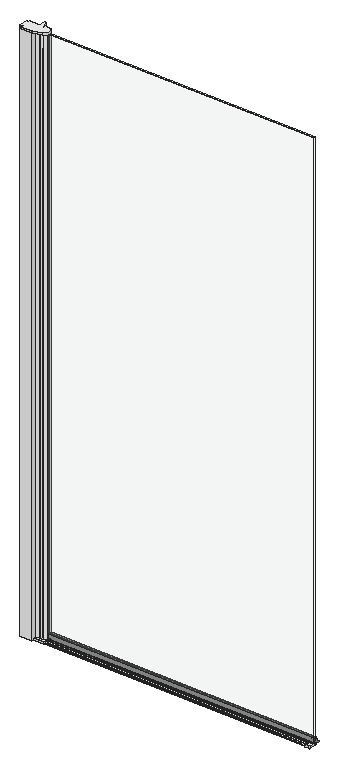
Revit family "Sanitary_Shower-screens_Duscholux_Giro_Separator-Pivot-door-bath", category Plumbing Fixtures, Revit 2016
Family settings
  Part Type = Normal
  Round Connector Dimension = Use Diameter
  OmniClass Number = 23.45.00.00
  OmniClass Title = Sanitary, Laundry, and Cleaning Equipment
  Work Plane-Based = No
  Always vertical = Yes
  Cut with Voids When Loaded = No
  Shared = No
  Room Calculation Point = No
Parameters (values of type "White Aluminium Finish")
  Width = 800 mm
  Uniclass 2015 Description = "Shower Enclosures"
  Uniclass 2015 Code = "PR-40-20-06-79"
  URL = "http://www.duscholux.es/"
  UNSPSC Code = "30181507"
  Thickness Glass = 5 mm  # constant formula
  Technical Inspection Certificate (Applus) = "http://www.duscholux.es/resources/custom/var/APPLUS_en.pdf"
  Series = "Plus Evolution Giro"
  Region South America = "Consult"
  Region Oceania = "Consult"
  Region North America = "Consult"
  Region Middle East = "Consult"
  Region Europe = "AD, ES, FR, PT"
  Region Asia = "Consult"
  Region Antartica = "Consult"
  Region Africa = "Consult"
  Ref. = "7GJ / 7GK"
  Products = "http://www.duscholux.es/mamparas_filtro.aspx?es"
  Product group = "Separator for bath"
  Product family = "Plus Evolution Giro"
  Opening System Image = "http://blob.duscholux.es/pluma512/SBIzq1pabatible180.gif"
  Opening System = "Pivot Door"
  Opening angle = 0.00°
  Net Weight (Kg) = 13.5
  NBS Reference Description = "Shower Enclosures"
  NBS Reference Code = "45-35-70"
  Model = ""
  Min Max Width = if(Width < 400 mm, 400 mm, if(Width > 1000 mm, 1000 mm, Width))  # 800 mm
  Max Height = if(Height > 1600 mm, 1600 mm, Height)  # 1500 mm
  Manufacturer name = "Duscholux Ibérica, S.A."
  Manufacturer country = "Spain"
  Maintenance and Cleaning = "http://www.duscholux.es/mamparas_limpieza.aspx?en"
  Image = "http://www.duscholux.es/resources/custom/img/mamparas/PLUS%20EVOLUTION%20GIRO/modelos/0F1PSBA/mampara_h.jpg"
  IFC Classification = "Furnishing Element"
  Height = 1500 mm
  Handle Material = White Finish
  Handle Height = Max Height / 2  # 750 mm
  Glass in Building UNE EN 12150 = "CE Conformity marking"
  Glass Material = Glass_Material-Duscholux
  Frame Material = White Aluminium Finish
  Fact Sheet = "http://blob.duscholux.es/enpdf2018/Giro1PSB.pdf"
  Manufacturer = "Duscholux Ibérica, S.A."
  Environmental Management ISO 14001 = "ECOEMBES Certificate"
  Edition number = "1"
  Door aperture = Min Max Width - 56.6 mm  # 743.4 mm
  Design country = "Spain / Germany"
  Description = "Front 1 pivot door at 180° for bath"
  Date of publishing = ""
  Bath Height = 450 mm
  Assembly Code = "C1030200"
  Configuration enclosure = "http://configuratumampara.duscholux.es/eCatalogo.aspx"
  Components = "Eropean components"
  Type Comments = ""
  Combinations = "Lateral 90° / Lateral180°"
  Certified Quality UNE EN 14428 = "http://www.duscholux.es/duscholux_downloads.aspx?es"
  COBIe Type Category = ""
  Brand = "Duscholux"
  Accesories Material = White Finish
Types (4, lengths in mm): name | Handle Material | Frame Material | Accesories Material
  (no name) | White Finish | White Aluminium Finish | White Finish
  Shiny silver Finish | Matt Silver Aluminium Finish | Shiny Silver  Aluminium Finish | Plastic, Gray
  Silver Matt Aluminium Finish | Matt Silver Aluminium Finish | Matt Silver Aluminium Finish | Plastic, Gray
  White Aluminium Finish | White Finish | White Aluminium Finish | White Finish
Reference planes
  plane 1 "Centro (Frontal/Posterior)": y = 0
  plane 2: z = 0
  plane 3 "Centro (Izquierda/Derecha)": x = 0
  plane 4: x = 56.584
  plane 5: z = 1954
  plane 6: x = 800
  plane 7: z = 450
  plane 8: z = 0
  plane 9: z = 8
  plane 10: y = -15.3
  plane 11: z = 1950
  plane 12: z = 458
  plane 13: z = 450
  plane 14: z = 456
Forms (mm)
  Extrusion 1, solid, material "Glass_Material-Duscholux" <- "Glass Material"
    sketch origin (59.749, 15.3, 0) x (1, 0, 0) y (0, 1, 0)
      loop
        line (-0.257, -12.8) -> (-0.257, -17.8) -> (740.236, -17.8) -> (740.236, -12.8) -> (-0.257, -12.8)
    from 458 to 1946
  Extrusion 2, solid, material "White Aluminium Finish" <- "Frame Material"
    sketch origin (-940.158, -579.127, 0) x (1, 0, 0) y (0, 1, 0)
      loop
        line (942.91, 587.017) -> (971.16, 587.017) -> (971.16, 588.517) -> (940.158, 588.517) -> (940.158, 587.017) -> (941.408, 587.017) -> (941.408, 566.817) -> (940.158, 566.817) -> (940.158, 565.317) -> (971.16, 565.317) -> (971.16, 566.817) -> (942.91, 566.817) -> (942.91, 587.017)
    from 450 to 1946
  Extrusion 3, solid, material "White Aluminium Finish" <- "Frame Material"
    sketch origin (36.988, 0, 0) x (1, 0, 0) y (0, 1, 0)
      loop
        line (32.341, 4.857) -> (24.744, 8.929)
        arc (24.744, 8.929) -> (9.363, 0.084) -> (24.744, -8.76) r 10.234
        line (24.744, -8.76) -> (32.341, -4.689) -> (32.341, -3.689) -> (22.503, -3.689) -> (22.503, 3.857) -> (32.341, 3.857) -> (32.341, 4.857)
      loop
        circle (19.596, 0.084) r 1.482
    from 450 to 1946
  Extrusion 4, solid, material "White Aluminium Finish" <- "Frame Material"
    sketch origin (-147.769, -645.801, 0) x (1, 0, 0) y (0, 1, 0)
      loop
        line (182.621, 656.691) -> (156.121, 656.691) -> (156.121, 655.191) -> (181.251, 655.191) -> (181.251, 631.991) -> (154.321, 631.991) -> (154.321, 624.931) -> (187.171, 624.931) -> (187.171, 633.301) -> (190.62, 633.301) -> (196.125, 639.801)
        arc (196.125, 639.801) -> (194.12, 645.786) -> (196.009, 651.809) r 10.234
        line (196.009, 651.809) -> (190.62, 659.801) -> (190.62, 660.824) -> (188.993, 670.05) -> (186.271, 674.341) -> (182.621, 674.341) -> (182.621, 656.691)
    from 450 to 1946
  Extrusion 5, solid, material "White Finish" <- "Accesories Material", detail levels medium+fine
    sketch origin (0, 0, 0) x (1, 0, 0) y (0, 1, 0)
      loop
        line (39.402, -18) -> (69.329, -18) -> (69.329, -4.689) -> (61.425, -8.932)
        arc (61.425, -8.932) -> (54.344, -9.901) -> (48.356, -6) r 10.234
        line (48.356, -6) -> (42.851, -12.5) -> (39.402, -12.5) -> (39.402, -18)
    from 450 to 456
  Extrusion 6, solid, material "White Finish" <- "Accesories Material", detail levels medium+fine
    sketch origin (0, 0, 0) x (1, 0, 0) y (0, 1, 0)
      loop
        arc (788.886, -5.45) -> (788.461, -6.475) -> (787.436, -6.9) r 1.45
        line (787.436, -6.9) -> (786, -6.9) -> (786, -18) -> (798, -18)
        arc (798, -18) -> (799.414, -17.414) -> (800, -16) r 2
        line (800, -16) -> (800, -4) -> (788.886, -4) -> (788.886, -5.45)
    from 450 to 456
  Extrusion 7, solid, material "White Finish" <- "Accesories Material"
    sketch origin (-183.4, 0, 0) x (1, 0, 0) y (0, 1, 0)
      loop
        line (191.752, 10.89) -> (191.752, 9.29) -> (183.4, 9.29) -> (183.4, -13.71) -> (189.952, -13.71) -> (189.952, -20.87) -> (222.393, -20.87) -> (244.738, -12.738)
        arc (244.738, -12.738) -> (253.657, 0) -> (244.738, 12.738) r 13.555
        line (244.738, 12.738) -> (225.413, 19.771) -> (224.624, 24.249) -> (221.902, 28.54) -> (218.252, 28.54) -> (218.252, 10.89) -> (191.752, 10.89)
    from 1946 to 1950
  Extrusion 8, solid, material "White Aluminium Finish" <- "Frame Material"
    sketch origin (0, 92.815, 0) x (0, 1, 0) y (0, 0, 1)
      loop
        line (-109.315, 450) -> (-99.715, 450) -> (-99.715, 453)
        arc (-99.715, 453) -> (-100.301, 454.414) -> (-101.715, 455) r 2
        line (-101.715, 455) -> (-107.315, 455)
        arc (-107.315, 455) -> (-108.729, 454.414) -> (-109.315, 453) r 2
        line (-109.315, 453) -> (-109.315, 450)
    from 69.329 to 786
Lines and regions (mm)
  reference lines
    curve 1: line (56.584, 0, 0) -> (799.984, 0, 0)
  symbolic lines
    curve 2: line (56.584, 0, 0) -> (56.584, 743.4, 0)
    curve 3: line (56.584, 0, 0) -> (56.584, -743.4, 0)
    curve 4: arc (56.584, 743.4, 0) -> (799.984, 0, 0) -> (56.584, -743.4, 0) r 743.4
Dimensions and locks
  locked: plane 3 "Centro (Izquierda/Derecha)" to plane 4 at 56.584
  plane 9 to level = 8 mm
  "Min Max Width": plane 3 "Centro (Izquierda/Derecha)" to plane 6
  locked: plane 3 "Centro (Izquierda/Derecha)" to Extrusion 2 at 31.002
  "Door aperture": curve 1 to curve 1
  locked: plane 5 to Extrusion 1 at 8
  locked: plane 5 to plane 11 at 4
  locked: Extrusion 6 to plane 6 at 14
  "Bath Height": plane 7 to level
  "Max Height": plane 11 to plane 7
  locked: plane 14 to plane 7 at 6
  locked: plane 12 to plane 7 at 8
  "Thickness Glass": Extrusion 1 to Extrusion 1
  "Door aperture": curve 2 to curve 2
  "Door aperture": curve 3 to curve 3
  "Opening angle": angle curve 1 to plane 1 "Centro (Frontal/Posterior)"
  aligned and locked: level to plane 2
  aligned and locked: plane 1 "Centro (Frontal/Posterior)" to curve 1
  aligned and locked: Extrusion 1 to Extrusion 2
  aligned and locked: Extrusion 3 to Extrusion 1
  aligned and locked: Extrusion 2 to plane 3 "Centro (Izquierda/Derecha)"
  aligned and locked: Extrusion 4 to Extrusion 1
  aligned and locked: Extrusion 1 to Extrusion 3
  aligned and locked: Extrusion 3 to nested 1
  aligned and locked: Extrusion 6 to Extrusion 5
  aligned and locked: Extrusion 7 to Extrusion 1
  aligned and locked: plane 11 to Extrusion 7
  aligned and locked: Extrusion 4 to plane 7
  aligned and locked: Extrusion 2 to plane 7
  aligned and locked: Extrusion 3 to plane 7
  aligned and locked: Extrusion 1 to plane 12
  aligned and locked: Extrusion 6 to plane 7
  aligned and locked: Extrusion 5 to plane 7
  aligned and locked: Extrusion 1 to nested 1
  aligned and locked: plane 13 to plane 7
  aligned and locked: plane 14 to Extrusion 6
  aligned and locked: Extrusion 8 to Extrusion 5
  aligned and locked: Extrusion 8 to Extrusion 6
  aligned and locked: plane 4 to curve 1
Automatic sketch dimensions
  curve 1 to Extrusion 1 sketch curve = 2.907 mm
  curve 1 to Extrusion 1 sketch curve = 2.5 mm
  Extrusion 1 sketch curve to curve 1 = 0 mm
  Extrusion 1 sketch curve to curve 1 = 2.5 mm
  Extrusion 2 sketch curve to plane 3 "Centro (Izquierda/Derecha)" = 0 mm  (x2)
  plane 3 "Centro (Izquierda/Derecha)" to Extrusion 2 sketch curve = 1.25 mm
  Extrusion 2 sketch curve to Extrusion 2 sketch curve = 1.502 mm
  Extrusion 2 sketch curve to plane 10 = 1.49 mm
  plane 4 to Extrusion 2 sketch curve = 25.583 mm
  Extrusion 2 sketch curve to plane 1 "Centro (Frontal/Posterior)" = 9.39 mm
  Extrusion 2 sketch curve to Extrusion 2 sketch curve = 0 mm
  Extrusion 2 sketch curve to Extrusion 2 sketch curve = 1.5 mm  (x4)
  Extrusion 3 sketch curve to Extrusion 3 sketch curve = 0 mm  (x3)
  Extrusion 3 sketch curve to curve 1 = 0 mm
  curve 1 to Extrusion 3 sketch curve = 0.084 mm
  curve 1 to Extrusion 3 sketch curve = 2.907 mm
  curve 1 to Extrusion 3 sketch curve = 5.148 mm  (x2)
  curve 1 to Extrusion 3 sketch curve = 3.689 mm
  Extrusion 3 sketch curve to Extrusion 3 sketch curve = 7.597 mm
  Extrusion 3 sketch curve to Extrusion 3 sketch curve = 1 mm  (x2)
  Extrusion 3 sketch curve to curve 1 = 8.76 mm
  Extrusion 3 sketch curve to curve 1 = 3.857 mm
  Extrusion 4 sketch curve to plane 4 = 0 mm
  plane 4 to Extrusion 4 sketch curve = 8.229 mm
  Extrusion 4 sketch curve to plane 1 "Centro (Frontal/Posterior)" = 6.008 mm
  plane 4 to Extrusion 4 sketch curve = 8.345 mm
  Extrusion 4 sketch curve to plane 10 = 2.8 mm
  Extrusion 4 sketch curve to Extrusion 4 sketch curve = 5.505 mm
  Extrusion 4 sketch curve to Extrusion 4 sketch curve = 5.389 mm
  Extrusion 4 sketch curve to Extrusion 4 sketch curve = 1.627 mm
  Extrusion 4 sketch curve to Extrusion 4 sketch curve = 3.449 mm
  Extrusion 4 sketch curve to Extrusion 4 sketch curve = 2.722 mm
  Extrusion 4 sketch curve to Extrusion 4 sketch curve = 7.999 mm
  Extrusion 4 sketch curve to Extrusion 4 sketch curve = 1.37 mm
  plane 3 "Centro (Izquierda/Derecha)" to Extrusion 4 sketch curve = 8.352 mm
  plane 3 "Centro (Izquierda/Derecha)" to Extrusion 4 sketch curve = 6.552 mm
  Extrusion 4 sketch curve to plane 10 = 1.49 mm
  plane 10 to Extrusion 4 sketch curve = 5.57 mm
  plane 1 "Centro (Frontal/Posterior)" to Extrusion 4 sketch curve = 6 mm
  Extrusion 4 sketch curve to plane 1 "Centro (Frontal/Posterior)" = 9.39 mm
  Extrusion 4 sketch curve to Extrusion 4 sketch curve = 1.5 mm
  Extrusion 4 sketch curve to Extrusion 4 sketch curve = 3.11 mm
  Extrusion 4 sketch curve to Extrusion 4 sketch curve = 1.023 mm
  Extrusion 4 sketch curve to Extrusion 4 sketch curve = 9.227 mm
  Extrusion 4 sketch curve to Extrusion 4 sketch curve = 4.291 mm
  Extrusion 5 sketch curve to plane 4 = 0 mm
  plane 4 to Extrusion 5 sketch curve = 8.229 mm
  Extrusion 5 sketch curve to plane 10 = 2.8 mm
  Extrusion 5 sketch curve to Extrusion 5 sketch curve = 5.505 mm
  plane 10 to Extrusion 5 sketch curve = 2.7 mm
  Extrusion 5 sketch curve to Extrusion 5 sketch curve = 3.449 mm
  Extrusion 5 sketch curve to plane 4 = 4.841 mm
  Extrusion 5 sketch curve to Extrusion 5 sketch curve = 7.904 mm
  Extrusion 5 sketch curve to plane 10 = 6.368 mm
  plane 1 "Centro (Frontal/Posterior)" to Extrusion 5 sketch curve = 6 mm
  plane 1 "Centro (Frontal/Posterior)" to Extrusion 5 sketch curve = 4.689 mm
  Extrusion 6 sketch curve to plane 6 = 0 mm
  plane 10 to Extrusion 6 sketch curve = 0.7 mm
  Extrusion 6 sketch curve to Extrusion 6 sketch curve = 2 mm
  Extrusion 6 sketch curve to Extrusion 6 sketch curve = 1.45 mm  (x2)
  plane 1 "Centro (Frontal/Posterior)" to Extrusion 6 sketch curve = 6.9 mm
  Extrusion 7 sketch curve to plane 3 "Centro (Izquierda/Derecha)" = 0 mm
  Extrusion 7 sketch curve to Extrusion 7 sketch curve = 6.552 mm
  Extrusion 7 sketch curve to Extrusion 7 sketch curve = 8.352 mm
  Extrusion 7 sketch curve to Extrusion 7 sketch curve = 26.5 mm
  Extrusion 7 sketch curve to Extrusion 7 sketch curve = 3.65 mm
  Extrusion 7 sketch curve to Extrusion 7 sketch curve = 4.142 mm
  Extrusion 7 sketch curve to Extrusion 7 sketch curve = 2.722 mm
  Extrusion 7 sketch curve to Extrusion 7 sketch curve = 0.79 mm
  Extrusion 7 sketch curve to Extrusion 7 sketch curve = 21.85 mm
  Extrusion 7 sketch curve to Extrusion 7 sketch curve = 4.636 mm  (x2)
  plane 1 "Centro (Frontal/Posterior)" to Extrusion 7 sketch curve = 20.87 mm
  Extrusion 7 sketch curve to Extrusion 7 sketch curve = 7.16 mm
  Extrusion 7 sketch curve to Extrusion 7 sketch curve = 8.133 mm
  Extrusion 7 sketch curve to Extrusion 7 sketch curve = 12.738 mm
  Extrusion 7 sketch curve to Extrusion 7 sketch curve = 23 mm
  Extrusion 7 sketch curve to Extrusion 7 sketch curve = 1.6 mm
  Extrusion 7 sketch curve to Extrusion 7 sketch curve = 8.881 mm
  Extrusion 7 sketch curve to Extrusion 7 sketch curve = 4.478 mm
  Extrusion 7 sketch curve to Extrusion 7 sketch curve = 4.291 mm
  Extrusion 6 sketch curve to plane 6 = 11.114 mm
  Extrusion 6 sketch curve to Extrusion 6 sketch curve = 1.436 mm
  Extrusion 8 sketch curve to plane 7 = 0 mm
  plane 10 to Extrusion 8 sketch curve = 1.2 mm
  Extrusion 8 sketch curve to Extrusion 8 sketch curve = 5.6 mm
  Extrusion 8 sketch curve to Extrusion 8 sketch curve = 2 mm  (x2)
  plane 7 to Extrusion 8 sketch curve = 3 mm
  curve 2 to plane 4 = 0 mm
  plane 1 "Centro (Frontal/Posterior)" to curve 3 = 0 mm
  radius of Extrusion 3 sketch curve = 1.482 mm
Nested families
  nested 1: "Lower-Guide" at (69.329, 0, 458), type "Lower-Guide", detail levels fine
    with built-in parameter 1001306 2.3972 (stored number, unit not read)
Definition of nested family "Lower-Guide"
  Parameters (values of type "2353MA")
    built-in parameter 1001306 [instance] = 500 mm
  Reference planes
    plane 1 "Centro (Frontal/Posterior)": y = 0
    plane 2: z = 0
    plane 3 "Izquierda": x = 0
    plane 4 "Derecha": x = 500
    plane 5: z = 0
  Forms (mm)
    Extrusion 1, solid
      sketch origin (0, 0, 0) x (0, 1, 0) y (0, 0, 1)
        loop
          line (-4.2, 0) -> (-3, 12) -> (-4.5, 12) -> (-5.692, 0.15)
          arc (-5.692, 0.15) -> (-5.345, -0.968) -> (-4.3, -1.497) r 1.5
          line (-4.3, -1.497) -> (-4.3, -5.874)
          arc (-4.3, -5.874) -> (-3.9, -6.274) -> (-3.5, -5.874) r 0.4
          line (-3.5, -5.874) -> (-3.5, -1.5) -> (3.5, -1.5) -> (3.5, -7.653)
          arc (3.5, -7.653) -> (3.9, -8.053) -> (4.3, -7.653) r 0.4
          line (4.3, -7.653) -> (4.3, -1.508) -> (5.754, -1.508) -> (11.976, -3.947)
          arc (11.976, -3.947) -> (12.62, -3.771) -> (12.515, -3.111) r 0.5
          line (12.515, -3.111) -> (9.056, -1.58)
          arc (9.056, -1.58) -> (6.398, 0.585) -> (5.211, 3.802) r 6.5
          line (5.211, 3.802) -> (4.5, 12) -> (3, 12) -> (4.2, 0) -> (-4.2, 0)
      from 0 to 500
  Lines and regions (mm)
    reference lines
      curve 1: line (0, 0, 0) -> (500, 0, 0)
  Dimensions and locks
    "built-in parameter 1001306": plane 3 "Izquierda" to plane 4 "Derecha"
    aligned and locked: plane 4 "Derecha" to curve 1
    aligned and locked: plane 1 "Centro (Frontal/Posterior)" to curve 1
    aligned and locked: plane 3 "Izquierda" to curve 1
    aligned and locked: level to plane 2
    aligned and locked: plane 4 "Derecha" to Extrusion 1
  Automatic sketch dimensions
    Extrusion 1 sketch curve to level = 0 mm  (x2)
    Extrusion 1 sketch curve to Extrusion 1 sketch curve = 0.4 mm  (x3)
    Extrusion 1 sketch curve to Extrusion 1 sketch curve = 0 mm  (x2)
    Extrusion 1 sketch curve to Extrusion 1 sketch curve = 1.5 mm  (x2)
    Extrusion 1 sketch curve to Extrusion 1 sketch curve = 1.454 mm
    Extrusion 1 sketch curve to level = 1.58 mm
    Extrusion 1 sketch curve to Extrusion 1 sketch curve = 3.301 mm
    level to Extrusion 1 sketch curve = 4.364 mm
    Extrusion 1 sketch curve to Extrusion 1 sketch curve = 2.632 mm
    Extrusion 1 sketch curve to level = 3.947 mm
    Extrusion 1 sketch curve to Extrusion 1 sketch curve = 2.921 mm
    Extrusion 1 sketch curve to Extrusion 1 sketch curve = 0.224 mm
    Extrusion 1 sketch curve to level = 3.111 mm
    Extrusion 1 sketch curve to Extrusion 1 sketch curve = 0.315 mm
    Extrusion 1 sketch curve to level = 5.874 mm
    Extrusion 1 sketch curve to Extrusion 1 sketch curve = 1.778 mm
    Extrusion 1 sketch curve to level = 1.508 mm
    Extrusion 1 sketch curve to level = 1.5 mm
    Extrusion 1 sketch curve to Extrusion 1 sketch curve = 0.003 mm
    level to Extrusion 1 sketch curve = 12 mm
    level to Extrusion 1 sketch curve = 0.15 mm
    plane 1 "Centro (Frontal/Posterior)" to Extrusion 1 sketch curve = 3 mm
    plane 1 "Centro (Frontal/Posterior)" to Extrusion 1 sketch curve = 3.5 mm
    Extrusion 1 sketch curve to Extrusion 1 sketch curve = 0.1 mm  (x2)
    Extrusion 1 sketch curve to plane 1 "Centro (Frontal/Posterior)" = 3 mm
    Extrusion 1 sketch curve to plane 1 "Centro (Frontal/Posterior)" = 3.5 mm
    Extrusion 1 sketch curve to Extrusion 1 sketch curve = 0.799 mm
    level to Extrusion 1 sketch curve = 3.802 mm
